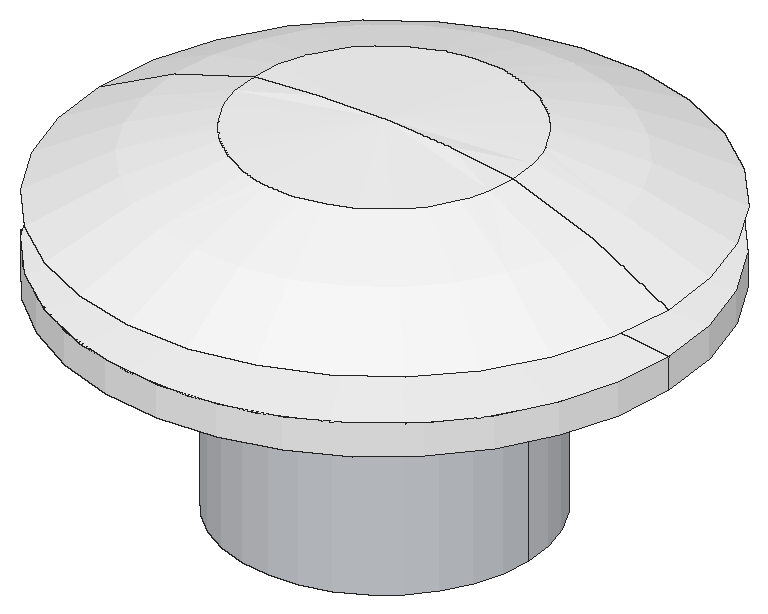
Revit family "72687119 - iCONstant Flex T", category Mechanical Equipment, host Face, Revit 2024
Family settings
  Host = Face
  Round Connector Dimension = Use Diameter
  Part Type = Normal
  Cut with Voids When Loaded = No
  Maintain Annotation Orientation = No
  Shared = No
  Room Calculation Point = No
Parameters (values of type "ICSTFLT")
  iCONstant Flex = CADS_AirFlow_White
  WeeklyMaintenance = "N/A"
  WarrantyStartDate [instance] = "1900-12-31T23:59:81"
  WarrantyPeriodWhenRegistered = "3"
  WarrantyPeriodForMotors = "1"
  WarrantyPeriod = "2"
  WarrantyGuarantorParts = "info@airflow.com"
  WarrantyGuarantorLabor = "info@airflow.com"
  WarrantyGuarantor = "Airflow Developments Ltd"
  WarrantyEndDate [instance] = "1900-12-31T23:59:59"
  WarrantyContent = "Covered against faulty material or workmanship - not reinstallation if needed"
  Uniclass2015 = "Pr_65_67_29_05"
  Type IFC Predefined Type = "NOTDEFINED"
  Type = "ICSTFLT"
  Timer = yes
  TagNumber [instance] = "N/A"
  SustainabilityPerformance = "N/A"
  SupplyPhase = 1
  Status = "New"
  StartingTime = 5.0 s
  Size = "120 x 197 x 197"
  ShippingWeight = 0.75 kg
  Shape = "Round"
  ServiceLifeType = "ExpectedServiceLife"
  ServiceLifeDuration = "3"
  SerialNumber [instance] = "N/A"
  SAPApproval [instance] = no
  RoomExtractAirTerminalDevices = "Continuous extract fan (dMEV) for residential properties"
  ReplacementCost = "191.736"
  RedDotDesignAward = no
  RatedVoltage = 240 V
  RatedCurrent = 0.04 A
  QuietMarkApproval = no
  QuarterlyMaintenance = "N/A"
  Quantity = 0
  ProductionYear = "2024"
  PowerSource = "System-powered"
  PointOfContact = "Airflow Developments Ltd"
  Plot Main Unit Driver = ""
  PassiveHouseApproval [instance] = no
  OperationTemperatureRange = "up to 40°C"
  NumberOfPoles = 1
  NominalWidth = 197 mm
  NominalStaticPressure = 23.0 Pa
  NominalRotationSpeed = 69.3 Hz
  NominalPowerRate = 4.42 W
  NominalLength = 120 mm
  NominalHeight = 197 mm
  NominalFrequencyRange = "60"
  NominalAirFlowRate = 20.0 L/s
  NBSCode = "90-45-30/310 Axial flow fans;"
  MotorEnclosureType = "Totally Enclosed Air Over"
  MotorDriveType = "Direct Drive"
  MonthlyMaintenance = "N/A"
  ModelReference = "72687119"
  ModelLabel = "iCONstant Flex T"
  Material = "Plastic"
  ManufacturerWebsite = "www.airflow.com"
  ManufacturerTelephone = "01494 525252"
  ManufacturerE-Mail = "info@airflow.com"
  ManufacturerAddress = "Aidelle House\nLancaster Road\nCressex Business Park\nHigh Wycombe\nBucks\nHP123QP"
  Manufacturer = "Airflow Developments Ltd"
  IsGuarded = yes
  IsExtendedWarranty = no
  InsulationStandardClass = "Double Insulated"
  InstallationDate [instance] = "1900-12-31T23:59:59"
  IfcExportType = "NOTDEFINED"
  IfcExportAs = "IfcFanType"
  ISO90001 = yes
  ISO140001 = yes
  IP_Code = "IPX5"
  Humidity_Timer = no
  HasProtectiveEarth = no
  HasPartWinding = yes
  GrossWeight = 0.55 kg
  Grade = "Virgin"
  GlobalTradeItemNumber = "5019009332055"
  Flow [instance] = 0.0 L/s
  FireControlPanelLinks = no
  Finish = "Matte"
  Features = "Extracts up to 20l/sec\nNoise levels just 10dB(A)\nIPX5 Rated\nSAP Appendix Q eligible\nGuarantee constant pressure and constant volume feature"
  Fan = "Domestic continuously running (dMEV) axial fan"
  ExternalExhaustAirTerminals = "90% free air grille"
  Export Type to IFC As = "IfcFanType"
  ExpectedServiceLife = 3
  Exclusions = "Hasn't been installed or used in accordance with the instructions\nConnected with an unsuitable electrical supply\nHas been misused, neglected or damaged\nModified or repaired by someone not authorised by Airflow Developments Ltd\nHasn't been installed according to Building Regulations or IEEE wiring regulations"
  ErPEnergyRating = "C"
  E = 50 mm
  DurationUnit = "Year"
  Ductwork = "100mm flexible or rigid"
  DesignOfDomesticVentilation = "This fan should provide the minimum flow rates outlined and installed in line with Approved Document Part F of the Building Regulations."
  Description = "The quietest continuous extract (dMEV) fan available on the market"
  Default Elevation = 1219.2 mm
  DailyMaintenance = "N/A"
  D = 100 mm
  Controls = "Timer. On boost timer run on for 2, 15, 30 or 40mins"
  Constituents = "N/A"
  ConductorFunction = "N/A"
  Color = "White"
  CodePerformance = "N/A"
  Category = "Pr_65_67_29_05:Axial Flow Fans"
  CapacityControlType = "Variable Speed Drive"
  CEApproval = yes
  C = 70 mm
  BMSLinks = no
  AssetType = "Fixed"
  AssetIdentifier [instance] = "N/A"
  AssemblyPlace = "UKNOWN"
  ArticleNumber = "N/A"
  AnnualMaintenance = "N/A"
  AccessibilityPerformance = "N/A"
  AccessClearanceTop = 350 mm
  AccessClearanceRight = 350 mm
  AccessClearanceRear = 0 mm
  AccessClearanceLeft = 350 mm
  AccessClearanceFront = 350 mm
  AccessClearanceBottom = 350 mm
  A = 197 mm
  6MonthlyMaintenance = "Visually inspect system, clean the fan and ducting if necessary"
Types (3, lengths in mm): name | WarrantyStartDate | WarrantyEndDate | Type | Timer | ReplacementCost | Quantity | ModelReference | ModelLabel | InstallationDate | Humidity_Timer | GlobalTradeItemNumber | Controls
  (no name) | "1900-12-31T23:59:81" | "1900-12-31T23:59:59" | "ICSTFLT" | yes | "191.736" | 0 | "72687119" | "iCONstant Flex T" | "1900-12-31T23:59:59" | no | "5019009332055" | "Timer. On boost timer run on for 2, 15, 30 or 40mins"
  ICSTFLT | "1900-12-31T23:59:81" | "1900-12-31T23:59:59" | "ICSTFLT" | yes | "191.736" | 0 | "72687119" | "iCONstant Flex T" | "1900-12-31T23:59:59" | no | "5019009332055" | "Timer. On boost timer run on for 2, 15, 30 or 40mins"
  ICSTFLHT | "1900-12-31T23:59:83" | "1900-12-31T23:59:61" | "ICSTHT" | no | "232.92" | 1 | "72687120" | "iCONstant Flex HT" | "1900-12-31T23:59:61" | yes | "5019009332062" | "Humidity Timer. Adjustable humidity sensor (60-90% relative humidity). On boost timer run on for 2, 15,30 or 40mins"
Reference planes
  plane 1 "Center (Front/Back)": y = 0
  plane 2: z = 0
  plane 3 "Center (Left/Right)": x = 0
  plane 4: z = 50
  plane 5: x = -98.5
  plane 6: x = 98.5
  plane 7: y = 98.5
  plane 8: y = -98.5
  plane 9: z = -70
  plane 10: z = 25
Forms (mm)
  Extrusion 1, solid
    sketch origin (0, 0, 0) x (1, 0, 0) y (0, 1, 0)
      loop
        circle (0, 0) r 50
    from 0 to -70
  Revolve 2, solid, material "CADS_AirFlow_White" <- "iCONstant Flex", detail levels medium+fine
    sketch origin (0, 0, 0) x (1, 0, 0) y (0, 0, 1)
      loop
        line (40, 25) -> (98.5, 25)
        arc (98.5, 25) -> (51.106, 45.345) -> (0, 52.295) r 191.377
        line (0, 52.295) -> (0, 0) -> (98.5, 0) -> (98.5, 10.391)
        arc (98.5, 10.391) -> (69.314, 13.976) -> (40, 16.288) r 675.534
        line (40, 16.288) -> (40, 25)
      axis (0, 52.295) -> (0, 0)
    angle from 0 to 360
  Revolve 3, void
    sketch origin (0, 0, 0.938) x (1, 0, 0) y (0, 0, 1)
      loop
        arc (0, 48.711) -> (22.541, 48.026) -> (45, 45.977) r 372.216
        line (45, 45.977) -> (45, 55.173) -> (0, 55.173) -> (0, 48.711)
      axis (0, 55.173) -> (0, 45.977)
    angle from 0 to 360
  Revolve 4, solid, material "CADS_AirFlow_White" <- "iCONstant Flex", detail levels coarse
    sketch origin (0, 0, 0) x (1, 0, 0) y (0, 0, 1)
      loop
        line (0, 0) -> (98.5, 0) -> (98.5, 25)
        arc (98.5, 25) -> (51.237, 45.327) -> (0, 50) r 163.89
        line (0, 50) -> (0, 0)
      axis (0, 50) -> (0, 0)
    angle from 0 to 360
Cuts and joins
  Revolve 3 cuts Revolve 2
Dimensions and locks
  "E": plane 4 to level
  equal spacing: plane 7, plane 1 "Center (Front/Back)", plane 8
  equal spacing: plane 5, plane 3 "Center (Left/Right)", plane 6
  "A": plane 7 to plane 8
  "A": plane 5 to plane 6
  "C": level to plane 9
  equal spacing: plane 2, plane 10, plane 4
  "D": diameter of Extrusion 1 sketch curve
  aligned and locked: plane 2 to host face
  aligned and locked: level to host face
  aligned and locked: Extrusion 1 to plane 9
  aligned and locked: Revolve 2 sketch curve to plane 3 "Center (Left/Right)"
  aligned and locked: Revolve 2 sketch curve to level
  aligned and locked: Revolve 2 sketch curve to plane 10
  aligned and locked: Revolve 3 sketch curve to plane 3 "Center (Left/Right)"
  aligned and locked: Revolve 4 sketch curve to plane 3 "Center (Left/Right)"
Automatic sketch dimensions
  host sketch curve to host sketch curve = 2438.4 mm  (x2)
  Revolve 3 sketch curve to plane 3 "Center (Left/Right)" = 0 mm
  Revolve 3 sketch curve to plane 3 "Center (Left/Right)" = 0.03 mm
  plane 4 to Revolve 3 sketch curve = 6.111 mm
  plane 3 "Center (Left/Right)" to Revolve 3 sketch curve = 45 mm
  Revolve 3 sketch curve to plane 4 = 0.352 mm
  Revolve 3 sketch curve to Revolve 3 sketch curve = 9.196 mm
  Revolve 3 sketch curve to Revolve 3 sketch curve = 286.095 mm
  Revolve 3 sketch curve to Revolve 3 sketch curve = 2553.885 mm
  Revolve 2 sketch curve to plane 3 "Center (Left/Right)" = 0 mm
  Revolve 2 sketch curve to plane 6 = 0 mm  (x2)
  plane 3 "Center (Left/Right)" to Revolve 2 sketch curve = 1.567 mm
  plane 3 "Center (Left/Right)" to Revolve 2 sketch curve = 40 mm
  Revolve 2 sketch curve to plane 9 = 69.082 mm
  level to Revolve 2 sketch curve = 10.391 mm
  Revolve 2 sketch curve to Revolve 2 sketch curve = 48.552 mm
  Revolve 2 sketch curve to Revolve 2 sketch curve = 2556.763 mm
  Revolve 2 sketch curve to Revolve 2 sketch curve = 519.07 mm
  Revolve 4 sketch curve to plane 3 "Center (Left/Right)" = 0 mm
  Revolve 4 sketch curve to plane 6 = 0 mm
  Revolve 4 sketch curve to level = 0 mm
  Revolve 4 sketch curve to plane 10 = 0 mm
  Revolve 4 sketch curve to plane 4 = 0 mm
  plane 3 "Center (Left/Right)" to Revolve 4 sketch curve = 10.918 mm
  Revolve 4 sketch curve to Revolve 4 sketch curve = 496.074 mm
  Revolve 4 sketch curve to Revolve 4 sketch curve = 2559.058 mm
  plane 1 "Center (Front/Back)" to Extrusion 1 sketch curve = 0 mm
  Extrusion 1 sketch curve to plane 3 "Center (Left/Right)" = 0 mm
Connectors
  hvac at (0, 0, 0), driven by "Flow"
    settings: on Extrusion 1, index 2, duct flow 0.0 L/s, flow factor 0, pres drop 0.0 Pa, loss coef 0, conn angle 0.00°, conn width 304.8 mm, conn height 304.8 mm, conn diameter 100 mm, duct sys type 3, conn prof type 0, flow config 1, flow direction 2, loss method 0, conn ref index -1, conn util no, is conn primary yes, conn desc ""
  electrical at (0, 0, -70), driven by "NumberOfPoles", driven by "RatedVoltage", driven by "NominalPowerRate"
    settings: on Extrusion 1, index 3, voltage 240 V, apparent load 4.42 VA, apparent load phase1 0 VA, apparent load phase2 0 VA, apparent load phase3 0 VA, power factor 1, load classification "Other", number of poles 1, system type 30, power factor state 1, is connector primary yes, connector utility no, sub classification motor no, connector description ""
